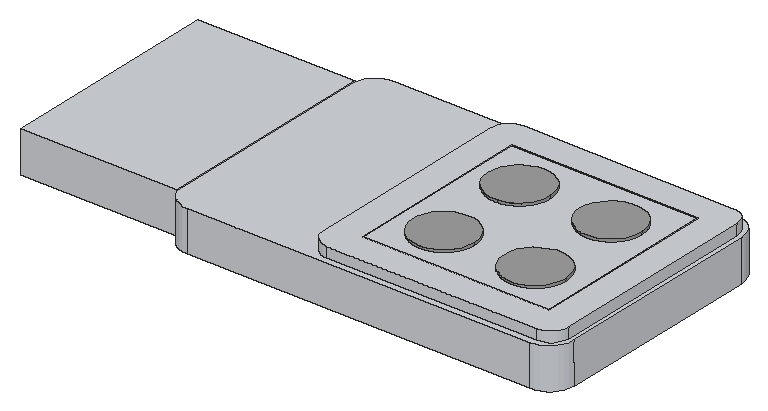
Revit family "Lighting-Industrial-GEWISS-SMART[4]HE_HIGHBAYS-LED_EMERGENCY_1M", category Apparecchi per illuminazione, Revit 2019
Family settings
  Quota connettore circolare = Usa diametro
  Tipo di parte = Normale
  Numero OmniClass = 23.80.70.00
  Titolo OmniClass = Lighting
  Basato su piano di lavoro = Sì
  Sempre verticale = No
  Taglio con vuoti quando caricato = No
  Sorgente d'illuminazione = No
  Condiviso = No
  Punto di calcolo locali = No
Parameters (values of type "GWS4124AQ857 - SMART4LB 1M EMERG ELL.57K")
  Wiring = "With GW connect watertight connector"
  Weight (kg): = "5"
  Warranty = "5 years"
  Voltaggio = 230 V
  Version file RFA = "20.11"
  Unique digital code (Datamatrix) = "Datamatrix"
  Unified Glare Rating = "-"
  URL = "https://www.gewiss.com/ww/en"
  Type of light source = "LED - Not replaceable"
  Tilt- = "-"
  Technical sheet = "https://www.gewiss.com/ww/en/search?q=GWS4124AQ857"
  System power : = "48 W (+5W Emerg.)"
  Supply voltage = "220 - 240 V"
  Stocking temperature = "-40 +70 °C"
  Standards and approvals = "-"
  Standard- = "EN 60598-2-22 ; EN 60598-1 ; EN 60598-2-24"
  Standard Deviation Colour Matching = "SDCM = 3"
  Spostamento_Y_etichetta [instance] = 0 mm
  Spostamento_Y_effettivo_etichetta [instance] = 1500 mm - Spostamento_Y_etichetta  # 1500 mm
  Spostamento_X_etichetta [instance] = 0 mm
  Spostamento_X_effettivo_etichetta [instance] = 1500 mm - Spostamento_X_etichetta  # 1500 mm
  Shock resistance = "IK08"
  Shield type = "Tempered glass Thickness 4mm"
  Realized by GEWISS S.p.A. = ""
  Rated frequency (Hz) = "50/60 Hz"
  Produttore = "GEWISS S.p.A."
  Vetro acceso = Lampada accesa
  Photobiological Risk Class = "RG0"
  Overvoltage protection = "DM 6 kV / CM 10 kV"
  Optic and illuminating features = "-"
  Optic Maintenance = "Non-replaceable"
  Optic : = "Metallic PC reflector and PMMA lenses"
  Optic = "Elliptical"
  Operating temperature : = "0 ÷ +40 °C"
  Mouting and installation = "Ceiling light - Suspension"
  Modello = "GWS4124AQ857"
  Maximum surface exposed to the wind : = "0,140 m²"
  Materials = "-"
  Luminaire = "LED Industrial Reflector "
  Lumen output (lm) : = "6300 (750 Emerg.)"
  Locking Hook = "-"
  Lifetime = "L90B10 (Tq+25°C) = 100.000 h - L90B10 (Tq+50°C) = 50.000 h"
  Lampada = "LED"
  LED Maintenance = "NiMh Battery Only"
  Insulation class = "I"
  Installationa and maintenance = "-"
  Immagine tipo = GWL1093E.jpg
  Trasformatore = none
  IPEA = "-"
  IP degree = "IP65"
  IFC.TypeObject = ""
  IFC.ExportType = ""
  IFC.ExportAs = ""
  IDT = "99cc2ba6225c472dbcbc7a8f8b209142"
  IDF = "8e26bf0e-866f-493d-a6be-55b7795095e9"
  Glow Wire Test : = "850 °C"
  General information = "-"
  Gasket = "anti-aging silicone"
  Fixing = "-"
  External screw = "Stainless steel"
  Eletrical and lighting features = "-"
  Electrocod = "2444"
  Efficiency (lm/W) = "119"
  Driver Box = "Built-in"
  Driver = "Included"
  Device with reduced surface temperature = "Yes"
  Descrizione = "SMART[4]LB 1M EMERG ELL.57K"
  Spessore plafoniera = 40 mm  # constant formula
  Simbolo attivo [instance] = yes
  Raggio led = 30 mm  # constant formula
  Plafoniera = none
  Lunghezza = 383 mm  # constant formula
  Larghezza = 253 mm  # constant formula
  Fotometrico = "GWL1093E-CL11813-16I - EME.IES"
  Etichetta wattaggio [instance] = yes
  Distanza tot_plafoniera = 74 mm  # constant formula
  Dettaglio bidimensionale attivo [instance] = not(Simbolo attivo)  # no
  Default Elevation = 1219.2 mm
  DIN 18032-3 certification = "-"
  Control System = "1 x DALI DT6 + 1 x DALI DT1 (Emerg. 3h)"
  Context = "Logistics and industrial manufacturing lighting"
  Colour temperature = "5700K"
  Colour : = "Grey RAL 7035"
  Colour = "Grey RAL 7035"
  Color Rendering Index = "CRI-80"
  Classificazione = Lighting
  Classification: = "-"
  Catalogue = "LIGHTING"
  Carico apparente = 53 VA
  COBie.Tagnumber = ""
  COBie.CreatedOn = ""
  COBie.CreatebBy = ""
  COBie.ComponentRegisterItemID = ""
  COBie.Component.TagNumber = ""
  COBie.Component.Space = ""
  COBie.Component.SerialNumber = ""
  COBie.Component.InstallationDate = ""
  COBie.Component.Description = ""
  COBie.Component.BarCode = ""
  Body = "PA6 \"Halogen Free\" loaded fibreglass"
  Batteria = none
  Application = "Internal"
Reference planes
  plane 1 "Centro (Fronte/Retro)": y = 0
  plane 2: z = 0
  plane 3 "Centro (Sinistra/Destra)": x = 0
  plane 4: x = -191.5
  plane 5: y = 126.5
  plane 6: x = 191.5
  plane 7: y = -126.5
  plane 8: z = -74
  plane 9: x = -175.5
  plane 10: y = -110.5
  plane 11: y = 110.5
  plane 12: x = -60.5
  plane 13: y = 121.5
  plane 14: x = 186.5
  plane 15: y = -120
  plane 16: z = 74
  plane 17: z = 86
  plane 18: x = -1500
  plane 19: y = -1500
  plane 20: x = 0
  plane 21: y = 0
Dimensions and locks
  equal spacing: plane 5, plane 1 "Centro (Fronte/Retro)", plane 7
  equal spacing: plane 4, plane 3 "Centro (Sinistra/Destra)", plane 6
  "Lunghezza": plane 4 to plane 6
  "Larghezza": plane 5 to plane 7
  locked: plane 14 to plane 6 at 5
  locked: plane 5 to plane 13 at 5
  nested 3 to plane 8 = 133.058 mm
  locked: plane 4 to plane 9 at 16
  "Distanza tot_plafoniera": plane 16 to plane 2
  locked: plane 17 to plane 16 at 12
  plane 18 to plane 3 "Centro (Sinistra/Destra)" = 1500 mm
  plane 1 "Centro (Fronte/Retro)" to plane 19 = 1500 mm
  "Spostamento_Y_effettivo_etichetta": plane 21 to plane 19
  "Spostamento_X_effettivo_etichetta": plane 18 to plane 20
  aligned and locked: level to plane 2
  aligned and locked: plane 4 to nested 1
  aligned and locked: plane 6 to nested 1
  aligned and locked: plane 5 to nested 1
  aligned and locked: plane 7 to nested 1
  aligned and locked: plane 14 to nested 2
  aligned and locked: nested 8 to plane 6
  aligned and locked: plane 4 to nested 9
  aligned and locked: plane 1 "Centro (Fronte/Retro)" to nested 11
  aligned and locked: nested 3 to plane 2
  aligned and locked: plane 16 to nested 1
  aligned and locked: plane 16 to nested 9
  aligned and locked: nested 2 to plane 16
  aligned and locked: plane 17 to nested 6
  aligned and locked: nested 4 to plane 17
  aligned and locked: nested 7 to plane 17
  aligned and locked: plane 17 to nested 5
  aligned and locked: plane 1 "Centro (Fronte/Retro)" to nested 8
  aligned and locked: plane 1 "Centro (Fronte/Retro)" to nested 2
  aligned and locked: plane 20 to nested 10
  aligned and locked: nested 10 to plane 21
Nested families
  nested 1: "Struttura_SMART[4] LB - 2+2 L" at (0, 0, 74), type "SMART Lab (4) 4L"
  nested 2: "mascherina_SMART (4)" at (66.5, 0, 84), type "Maschera_smart (4) 4L", detail levels medium+fine
  nested 3: "Staffa SMART LAB 4" at (65, -20, 59.058) x (0, 1, 0) z (0, 0, -1), type "Staffa SMART LAB 4"
  nested 4: "Gewis - Led" at (20.25, 44.75, 86), type "Gewis - Led", detail levels fine
  nested 5: "Gewis - Led" at (109.75, 44.75, 86) x (-1, 0, 0) z (0, 0, 1), type "Gewis - Led", detail levels fine
  nested 6: "Gewis - Led" at (20.25, -47.75, 86), type "Gewis - Led", detail levels fine
  nested 7: "Gewis - Led" at (109.75, -47.75, 86) x (-1, 0, 0) z (0, 0, 1), type "Gewis - Led", detail levels fine
  nested 8: "Rappr_ bidimensionale_SMART4_4L EM_2" at (9.751, 0, 0), visible <- "Dettaglio bidimensionale attivo", type "4 LED"
  nested 9: "Batteria_SMART4 LB" at (-191.5, -94.011, 34), type "Batteria_SMART4 LB"
    with SPessore batteria 40 mm, La_Batteria 217.019 mm, L_batteria 152.912 mm
  nested 10: "ETICHETTA LIGHT" at (0, 0, 0), visible <- "Etichetta wattaggio", type "ETICHETTA LIGHT"
  nested 11: "PROIETTSMART " at (-27.098, 0, 0), visible <- "Simbolo attivo", type "PROIETTSMART "
Connectors
  electrical at (0.009, -0.098, 34), driven by "Voltaggio", driven by "Carico apparente", driven by "Classificazione"
    settings: on nested 1, index 1, voltage 230 V, apparent load 0 VA, apparent load phase1 53 VA, apparent load phase2 0 VA, apparent load phase3 0 VA, power factor 1, load classification "Lighting", number of poles 1, system type 31, power factor state 1, is connector primary yes, connector utility no, sub classification motor no, connector description ""
Definition of nested family "Struttura_SMART[4] LB - 2+2 L"
  Parameters (values of type "SMART Lab (4) 4L")
    Struttura plafoniera = none
    Spessore_plafoniera = 40 mm
    Lunghezza = 383 mm
    Larghezza = 253 mm
  Reference planes
    plane 1 "Asse sorgente illuminazione (F/B)": y = 0
    plane 2: z = 0
    plane 3 "Asse sorgente illuminazione (L/R)": x = 0
    plane 4 "Prospetto sorgente di illuminazione": z = -40
    plane 5 "SX": x = -191.5
    plane 6 "DX": x = 191.5
    plane 7 "DIETRO": y = 126.5
    plane 8 "AVANTI": y = -126.5
    plane 9: x = -51.5
    plane 10: x = 180.5
    plane 11: y = -115.5
    plane 12: y = 115.5
    plane 13: x = -180.5
    plane 14: x = 51.5
  Forms (mm)
    Extrusion 1, solid, material <- "Struttura plafoniera"
      sketch origin (0, 0, 0) x (1, 0, 0) y (0, 1, 0)
        loop
          line (191.5, -102.095) -> (191.5, 102.09)
          arc (191.5, 102.09) -> (184.35, 119.35) -> (167.09, 126.5) r 24.41
          line (167.09, 126.5) -> (-167.009, 126.5)
          arc (-167.009, 126.5) -> (-184.554, 119.1) -> (-191.5, 101.371) r 24.499
          line (-191.5, 101.371) -> (-191.5, -102.092)
          arc (-191.5, -102.092) -> (-184.351, -119.351) -> (-167.092, -126.5) r 24.408
          line (-167.092, -126.5) -> (167.117, -126.5)
          arc (167.117, -126.5) -> (184.334, -119.368) -> (191.465, -102.152) r 24.348
      from -40 to 0
  Dimensions and locks
    equal spacing: plane 5 "SX", plane 3 "Asse sorgente illuminazione (L/R)", plane 6 "DX"
    equal spacing: plane 7 "DIETRO", plane 1 "Asse sorgente illuminazione (F/B)", plane 8 "AVANTI"
    "Lunghezza": plane 5 "SX" to plane 6 "DX"
    "Larghezza": plane 7 "DIETRO" to plane 8 "AVANTI"
    locked: plane 7 "DIETRO" to plane 12 at 11
    locked: plane 11 to plane 8 "AVANTI" at 11
    locked: plane 10 to plane 6 "DX" at 11
    locked: plane 9 to plane 10 at 232
    plane 13 to plane 14 = 232 mm
    locked: plane 5 "SX" to plane 13 at 11
    "Spessore_plafoniera": plane 2 to plane 4 "Prospetto sorgente di illuminazione"
    aligned and locked: level to plane 2
    aligned and locked: Extrusion 1 to plane 5 "SX"
    aligned and locked: Extrusion 1 to plane 8 "AVANTI"  (x2)
    aligned and locked: plane 7 "DIETRO" to Extrusion 1
    aligned and locked: plane 6 "DX" to Extrusion 1
    aligned and locked: plane 4 "Prospetto sorgente di illuminazione" to Extrusion 1
    aligned and locked: plane 2 to Extrusion 1
  Automatic sketch dimensions
    Extrusion 1 sketch curve to plane 5 "SX" = 0 mm
    Extrusion 1 sketch curve to plane 8 "AVANTI" = 0 mm
    Extrusion 1 sketch curve to plane 7 "DIETRO" = 0 mm
    Extrusion 1 sketch curve to plane 6 "DX" = 0 mm
    plane 13 to Extrusion 1 sketch curve = 13.408 mm
    plane 13 to Extrusion 1 sketch curve = 13.491 mm
    Extrusion 1 sketch curve to plane 10 = 13.41 mm
    Extrusion 1 sketch curve to plane 10 = 13.383 mm
    plane 11 to Extrusion 1 sketch curve = 13.348 mm
    Extrusion 1 sketch curve to plane 12 = 14.129 mm
    Extrusion 1 sketch curve to Extrusion 1 sketch curve = 0.056 mm
Definition of nested family "mascherina_SMART (4)"
  Parameters (values of type "Maschera_smart (4) 4L")
    Spessore_mascherina = 10 mm
    Default Elevation = 1219.2 mm
    N.intarsi = (Lunghezza_mascherina - (Bordo * 2)) / 15 mm  # 12
    N._intarsi verticale = (Larghezza_mascherina - (Bordo * 2)) / 17 mm  # 11
    Mascherina = none
    Lunghezza_mascherina = 240 mm
    Larghezza_mascherina = 240 mm
    Distanza_intarsi v. = 41 mm  # constant formula
    Distanza_intarsi = 37 mm  # constant formula
    Bordo = 29 mm
  Reference planes
    plane 1 "Centro (Fronte/Retro)": y = 0
    plane 2: z = 0
    plane 3 "Centro (Sinistra/Destra)": x = 0
    plane 4: x = -120
    plane 5 "Dietro": y = 120
    plane 6: x = 120
    plane 7: y = -120
    plane 8: x = -91
    plane 9: y = -91
    plane 10: x = 91
    plane 11: y = 91
    plane 12: x = -83
    plane 13: y = 94.742
    plane 14: y = -95
    plane 15: z = -10
    plane 16: x = -95
    plane 17: y = 79
    plane 18: y = -79
    plane 19: x = 95
    plane 20: z = -4.799
  Forms (mm)
    Extrusion 1, solid, material <- "Mascherina"
      sketch origin (0, 0, 0) x (1, 0, 0) y (0, 1, 0)
        loop
          arc (-102.5, 120) -> (-114.874, 114.874) -> (-120, 102.5) r 17.5
          line (-120, 102.5) -> (-120, -102.5)
          arc (-120, -102.5) -> (-114.874, -114.874) -> (-102.5, -120) r 17.5
          line (-102.5, -120) -> (102.5, -120)
          arc (102.5, -120) -> (114.874, -114.874) -> (120, -102.5) r 17.5
          line (120, -102.5) -> (120, 102.5)
          arc (120, 102.5) -> (114.874, 114.874) -> (102.5, 120) r 17.5
          line (102.5, 120) -> (-102.5, 120)
        loop
          line (-91, 91) -> (-91, -91) -> (91, -91) -> (91, 91) -> (-91, 91)
      from -10 to 0
    Extrusion 2, solid, material <- "Mascherina"
      sketch origin (0, 0, 0) x (1, 0, 0) y (0, 1, 0)
        loop
          line (-91, 91) -> (-91, -91) -> (91, -91) -> (91, 91) -> (-91, 91)
      from -4.799 to 0
  Dimensions and locks
    equal spacing: plane 4, plane 3 "Centro (Sinistra/Destra)", plane 6
    "Lunghezza_mascherina": plane 4 to plane 6
    equal spacing: plane 5 "Dietro", plane 1 "Centro (Fronte/Retro)", plane 7
    "Larghezza_mascherina": plane 5 "Dietro" to plane 7
    "Bordo": plane 4 to plane 8
    "Bordo": plane 9 to plane 7
    "Bordo": plane 5 "Dietro" to plane 11
    "Bordo": plane 10 to plane 6
    "Distanza_intarsi": plane 4 to plane 12
    locked: plane 13 to plane 11 at 3.742
    "Spessore_mascherina": plane 2 to plane 15
    "Distanza_intarsi v.": plane 5 "Dietro" to plane 17
    "Distanza_intarsi v.": plane 18 to plane 7
    locked: plane 9 to plane 14 at 4
    locked: plane 16 to plane 8 at 4
    locked: plane 10 to plane 19 at 4
    locked: plane 2 to plane 20 at 4.799
    radius of Extrusion 1 sketch curve = 17.5 mm  (x4)
    aligned and locked: level to plane 2
    aligned and locked: plane 4 to Extrusion 1 sketch curve
    aligned and locked: plane 6 to Extrusion 1 sketch curve
    aligned and locked: Extrusion 1 sketch curve to plane 5 "Dietro"
    aligned and locked: Extrusion 1 sketch curve to plane 7
    aligned and locked: Extrusion 1 sketch curve to plane 11
    aligned and locked: plane 8 to Extrusion 1 sketch curve
    aligned and locked: plane 9 to Extrusion 1 sketch curve
    aligned and locked: Extrusion 1 sketch curve to plane 10
    aligned and locked: plane 2 to Extrusion 1
    aligned and locked: Extrusion 1 to plane 15
    aligned and locked: Extrusion 2 sketch curve to plane 10
    aligned and locked: plane 9 to Extrusion 2 sketch curve
    aligned and locked: plane 8 to Extrusion 2 sketch curve
    aligned and locked: Extrusion 2 sketch curve to plane 11
    aligned and locked: plane 2 to Extrusion 2
    aligned and locked: Extrusion 2 to plane 20
Definition of nested family "Staffa SMART LAB 4"
  Parameters (values of type "Staffa SMART LAB 4")
    Staffa = none
    Default Elevation = 1219.2 mm
  Reference planes
    plane 1 "Centro (Fronte/Retro)": y = 0
    plane 2: z = 0
    plane 3 "Centro (Sinistra/Destra)": x = 0
    plane 4: y = 25
    plane 5: y = -25
    plane 6: x = -480
    plane 7: x = 480
    plane 8: z = 340
  Forms (mm)
    Extrusion 1, solid, material <- "Staffa"
      sketch origin (-19.427, 0, 0) x (1, 0, 0) y (0, 0, 1)
        loop
          line (-52.112, 0) -> (-51.312, 0) -> (-51.312, 5.038) -> (-51.312, 7.679) -> (-48.064, 11.553) -> (-48.309, 20.832)
          arc (-48.309, 20.832) -> (-48.108, 21.384) -> (-47.585, 21.651) r 0.801
          line (-47.585, 21.651) -> (-46.541, 21.744)
          arc (-46.541, 21.744) -> (-45.388, 22.346) -> (-44.998, 23.587) r 1.701
          line (-44.998, 23.587) -> (-45.225, 26.168) -> (-47.881, 28.39) -> (-47.881, 32.971) -> (-23.475, 58.058) -> (62.329, 58.058) -> (86.735, 32.971) -> (86.735, 28.39) -> (84.08, 26.168) -> (83.852, 23.587)
          arc (83.852, 23.587) -> (84.243, 22.346) -> (85.396, 21.744) r 1.701
          line (85.396, 21.744) -> (86.439, 21.651)
          arc (86.439, 21.651) -> (86.963, 21.384) -> (87.163, 20.832) r 0.801
          line (87.163, 20.832) -> (86.919, 11.553) -> (90.167, 7.679) -> (90.167, 5.038) -> (90.167, 0) -> (90.967, 0) -> (90.967, 5.038) -> (90.967, 7.979) -> (87.921, 11.618) -> (88.163, 20.806)
          arc (88.163, 20.806) -> (87.71, 22.048) -> (86.531, 22.647) r 1.801
          line (86.531, 22.647) -> (85.484, 22.74)
          arc (85.484, 22.74) -> (85.009, 22.988) -> (84.849, 23.499) r 0.701
          line (84.849, 23.499) -> (85.039, 25.667) -> (87.735, 27.923) -> (87.735, 32.876) -> (86.947, 34.187) -> (62.751, 59.058) -> (-23.897, 59.058) -> (-48.093, 34.187) -> (-48.881, 32.876) -> (-48.881, 27.923) -> (-46.185, 25.667) -> (-45.994, 23.499)
          arc (-45.994, 23.499) -> (-46.155, 22.988) -> (-46.63, 22.74) r 0.701
          line (-46.63, 22.74) -> (-47.676, 22.647)
          arc (-47.676, 22.647) -> (-48.856, 22.048) -> (-49.308, 20.806) r 1.801
          line (-49.308, 20.806) -> (-49.066, 11.618) -> (-52.112, 7.979) -> (-52.112, 5.038) -> (-52.112, 0)
      from -25 to 25
  Dimensions and locks
    equal spacing: plane 6, plane 3 "Centro (Sinistra/Destra)", plane 7
    equal spacing: plane 4, plane 1 "Centro (Fronte/Retro)", plane 5
    plane 4 to plane 5 = 50 mm
    plane 6 to plane 7 = 960 mm
    aligned and locked: level to plane 2
    aligned and locked: plane 4 to Extrusion 1
    aligned and locked: Extrusion 1 to plane 5
  Automatic sketch dimensions
    Extrusion 1 sketch curve to Extrusion 1 sketch curve = 0 mm  (x10)
    Extrusion 1 sketch curve to level = 0 mm  (x2)
    level to Extrusion 1 sketch curve = 5.038 mm
    Extrusion 1 sketch curve to plane 3 "Centro (Sinistra/Destra)" = 71.54 mm
    Extrusion 1 sketch curve to Extrusion 1 sketch curve = 0.8 mm  (x2)
    level to Extrusion 1 sketch curve = 20.806 mm  (x2)
    Extrusion 1 sketch curve to Extrusion 1 sketch curve = 2.804 mm
    level to Extrusion 1 sketch curve = 11.618 mm  (x2)
    Extrusion 1 sketch curve to Extrusion 1 sketch curve = 2.246 mm  (x2)
    Extrusion 1 sketch curve to Extrusion 1 sketch curve = 0.428 mm
    level to Extrusion 1 sketch curve = 20.832 mm  (x2)
    Extrusion 1 sketch curve to Extrusion 1 sketch curve = 1 mm  (x4)
    Extrusion 1 sketch curve to Extrusion 1 sketch curve = 0.788 mm
    level to Extrusion 1 sketch curve = 11.553 mm  (x2)
    Extrusion 1 sketch curve to Extrusion 1 sketch curve = 1.002 mm  (x2)
    level to Extrusion 1 sketch curve = 22.647 mm  (x2)
    Extrusion 1 sketch curve to Extrusion 1 sketch curve = 0.632 mm
    level to Extrusion 1 sketch curve = 21.651 mm  (x2)
    Extrusion 1 sketch curve to Extrusion 1 sketch curve = 0.092 mm  (x2)
    Extrusion 1 sketch curve to Extrusion 1 sketch curve = 0.984 mm
    level to Extrusion 1 sketch curve = 22.74 mm  (x2)
    Extrusion 1 sketch curve to Extrusion 1 sketch curve = 0.062 mm
    level to Extrusion 1 sketch curve = 21.744 mm  (x2)
    Extrusion 1 sketch curve to Extrusion 1 sketch curve = 0.088 mm
    Extrusion 1 sketch curve to Extrusion 1 sketch curve = 0.507 mm
    level to Extrusion 1 sketch curve = 23.499 mm  (x2)
    Extrusion 1 sketch curve to Extrusion 1 sketch curve = 0.698 mm  (x2)
    Extrusion 1 sketch curve to Extrusion 1 sketch curve = 0.96 mm  (x2)
    level to Extrusion 1 sketch curve = 23.587 mm  (x2)
    Extrusion 1 sketch curve to plane 3 "Centro (Sinistra/Destra)" = 43.324 mm
    Extrusion 1 sketch curve to Extrusion 1 sketch curve = 0.422 mm  (x2)
    plane 3 "Centro (Sinistra/Destra)" to Extrusion 1 sketch curve = 42.902 mm
    Extrusion 1 sketch curve to Extrusion 1 sketch curve = 21.523 mm
    level to Extrusion 1 sketch curve = 26.168 mm
    Extrusion 1 sketch curve to Extrusion 1 sketch curve = 0.227 mm
    Extrusion 1 sketch curve to Extrusion 1 sketch curve = 0.996 mm
    level to Extrusion 1 sketch curve = 25.667 mm
    Extrusion 1 sketch curve to Extrusion 1 sketch curve = 0.548 mm
    Extrusion 1 sketch curve to Extrusion 1 sketch curve = 0.966 mm
    Extrusion 1 sketch curve to Extrusion 1 sketch curve = 0.077 mm
    level to Extrusion 1 sketch curve = 28.39 mm
    Extrusion 1 sketch curve to Extrusion 1 sketch curve = 1.696 mm
    Extrusion 1 sketch curve to Extrusion 1 sketch curve = 0.557 mm
    level to Extrusion 1 sketch curve = 34.187 mm
    Extrusion 1 sketch curve to Extrusion 1 sketch curve = 0.212 mm
    Extrusion 1 sketch curve to Extrusion 1 sketch curve = 0.801 mm
    level to Extrusion 1 sketch curve = 7.679 mm
    Extrusion 1 sketch curve to Extrusion 1 sketch curve = 2.641 mm  (x2)
    Extrusion 1 sketch curve to Extrusion 1 sketch curve = 0.3 mm  (x2)
    Extrusion 1 sketch curve to Extrusion 1 sketch curve = 2.168 mm
    Extrusion 1 sketch curve to Extrusion 1 sketch curve = 0.501 mm
    Extrusion 1 sketch curve to Extrusion 1 sketch curve = 0.467 mm  (x2)
    Extrusion 1 sketch curve to Extrusion 1 sketch curve = 2.256 mm
    Extrusion 1 sketch curve to Extrusion 1 sketch curve = 4.486 mm
    Extrusion 1 sketch curve to Extrusion 1 sketch curve = 1.311 mm
    Extrusion 1 sketch curve to Extrusion 1 sketch curve = 0.095 mm  (x2)
    Extrusion 1 sketch curve to Extrusion 1 sketch curve = 1.216 mm
    Extrusion 1 sketch curve to Extrusion 1 sketch curve = 23.87 mm
Definition of nested family "Gewis - Led"
  Parameters (values of type "Gewis - Led")
    Vetro = none
    Raggio led = 30 mm
    Default Elevation = 1219.2 mm
    Estensione vetro = 3 mm
  Reference planes
    plane 1 "Centro (Fronte/Retro)": y = 0
    plane 2: z = 0
    plane 3 "Centro (Sinistra/Destra)": x = 0
  Forms (mm)
    Extrusion 1, solid, material <- "Vetro"
      sketch origin (0, 0, 0) x (1, 0, 0) y (0, 1, 0)
        loop
          circle (0, 0) r 30
      from -3 to 0
  Dimensions and locks
    "Estensione vetro": level to Extrusion 1
    "Raggio led": radius of Extrusion 1 sketch curve
    aligned and locked: level to plane 2
    aligned and locked: level to Extrusion 1
  Automatic sketch dimensions
    plane 1 "Centro (Fronte/Retro)" to Extrusion 1 sketch curve = 0 mm
    Extrusion 1 sketch curve to plane 3 "Centro (Sinistra/Destra)" = 0 mm
Definition of nested family "Batteria_SMART4 LB"
  Parameters (values of type "Batteria_SMART4 LB")
    SPessore batteria [instance] = 40 mm
    La_Batteria [instance] = 253 mm
    L_batteria [instance] = 445.629 mm
    Batteria = none
  Reference planes
    plane 1 "Asse sorgente illuminazione (F/B)": y = 0
    plane 2: z = 0
    plane 3 "Asse sorgente illuminazione (L/R)": x = 0
    plane 4 "Prospetto sorgente di illuminazione": z = 1500
    plane 5: x = -445.629
    plane 6: y = 201.838
    plane 7: y = -51.162
    plane 8: z = 40
  Forms (mm)
    Extrusion 1, solid, material <- "Batteria"
      sketch origin (0, 0, 0) x (1, 0, 0) y (0, 1, 0)
        loop
          line (-445.629, 201.838) -> (-445.629, -51.162) -> (0, -51.162) -> (0, 201.838) -> (-445.629, 201.838)
      from 0 to 40
  Dimensions and locks
    "L_batteria": plane 5 to plane 3 "Asse sorgente illuminazione (L/R)"
    plane 6 to plane 1 "Asse sorgente illuminazione (F/B)" to plane 7 = 201.838 mm, 51.162 mm
    "La_Batteria": plane 6 to plane 7
    "SPessore batteria": plane 8 to plane 2
    aligned and locked: level to plane 2
    aligned and locked: Extrusion 1 sketch curve to plane 6
    aligned and locked: plane 5 to Extrusion 1 sketch curve
    aligned and locked: plane 7 to Extrusion 1 sketch curve
    aligned and locked: Extrusion 1 sketch curve to plane 3 "Asse sorgente illuminazione (L/R)"
    aligned and locked: plane 8 to Extrusion 1
Definition of nested family "Rappr_ bidimensionale_SMART4_4L EM_2"
  Parameters (values of type "4 LED")
    5 LED = no
    4 LED = not([5 LED])  # yes
  Reference planes
    plane 1 "Centro (Fronte/Retro)": y = 0
    plane 2: z = 0
    plane 3 "Centro (Sinistra/Destra)": x = 0
  Lines and regions (mm)
    model lines, in view "Livello rif.", visible <- "5 LED"
      curve 1: circle (8.459, 48.062, 0) r 28.619 normal (0, 0, 1)
      curve 2: circle (102.459, -45.938, 0) r 28.619 normal (0, 0, 1)
      curve 3: circle (8.459, -45.938, 0) r 28.619 normal (0, 0, 1)
      curve 4: circle (102.459, 48.062, 0) r 28.619 normal (0, 0, 1)
    model lines, in view "Livello rif."
      curve 5: arc (-64.041, -103.004, 0) -> (-59.501, -113.964, 0) -> (-48.541, -118.504, 0) r 15.5
      curve 6: arc (174.959, 104.996, 0) -> (170.419, 115.956, 0) -> (159.459, 120.496, 0) r 15.5
      curve 7: arc (-48.541, 120.496, 0) -> (-59.501, 115.956, 0) -> (-64.041, 104.996, 0) r 15.5
      curve 8: arc (159.459, -118.504, 0) -> (170.419, -113.964, 0) -> (174.959, -103.004, 0) r 15.5
      curve 9: arc (181.749, 104.996, 0) -> (175.223, 120.753, 0) -> (159.468, 127.285, 0) r 22.29
      curve 10: arc (159.471, -125.294, 0) -> (175.224, -118.761, 0) -> (181.749, -103.004, 0) r 22.29
      curve 11: arc (-201.331, -106.996, 0) -> (-195.973, -119.938, 0) -> (-183.031, -125.294, 0) r 18.29
      curve 12: arc (-183.05, 127.285, 0) -> (-195.974, 121.928, 0) -> (-201.331, 109.004, 0) r 18.29
      curve 13: line (-37.041, 93.496, 0) -> (147.959, 93.496, 0)
      curve 14: line (147.959, 93.496, 0) -> (147.959, -91.504, 0)
      curve 15: line (147.959, -91.504, 0) -> (-37.041, -91.504, 0)
      curve 16: line (-37.041, -91.504, 0) -> (-37.041, 93.496, 0)
      curve 17: line (-48.541, -118.504, 0) -> (159.459, -118.504, 0)
      curve 18: line (-48.541, 120.496, 0) -> (159.459, 120.496, 0)
      curve 19: line (-64.041, 104.996, 0) -> (-64.041, -103.004, 0)
      curve 20: line (174.959, 104.996, 0) -> (174.959, -103.004, 0)
      curve 21: line (-183.05, 127.285, 0) -> (159.468, 127.285, 0)
      curve 22: line (181.749, 104.996, 0) -> (181.749, -103.004, 0)
      curve 23: line (159.471, -125.294, 0) -> (-183.031, -125.294, 0)
      curve 24: line (-201.331, -106.996, 0) -> (-201.331, 109.004, 0)
    detail lines, in view "Livello rif.", not visible, detail levels fine
      curve 25: spline (-38.805, -92.663, 0) -> (-38.789, -92.926, 0) -> (-38.739, -93.185, 0) -> (-38.655, -93.434, 0) -> (-38.539, -93.67, 0) -> (-38.393, -93.89, 0) -> (-38.22, -94.088, 0) -> (-38.022, -94.261, 0) -> (-37.803, -94.407, 0) -> (-37.566, -94.523, 0) -> (-37.317, -94.607, 0) -> (-37.059, -94.657, 0) -> (-36.796, -94.673, 0)
      curve 26: spline (-36.799, 93.856, 0) -> (-37.062, 93.839, 0) -> (-37.32, 93.789, 0) -> (-37.569, 93.704, 0) -> (-37.805, 93.588, 0) -> (-38.024, 93.442, 0) -> (-38.221, 93.269, 0) -> (-38.394, 93.071, 0) -> (-38.54, 92.852, 0) -> (-38.656, 92.616, 0) -> (-38.739, 92.367, 0) -> (-38.789, 92.109, 0) -> (-38.805, 91.846, 0)
      curve 27: arc (147.719, -94.673, 0) -> (149.136, -94.089, 0) -> (149.723, -92.674, 0) r 1.999
      curve 28: spline (149.723, 91.856, 0) -> (149.706, 92.118, 0) -> (149.655, 92.375, 0) -> (149.57, 92.623, 0) -> (149.454, 92.858, 0) -> (149.308, 93.076, 0) -> (149.135, 93.273, 0) -> (148.938, 93.445, 0) -> (148.72, 93.59, 0) -> (148.484, 93.705, 0) -> (148.236, 93.789, 0) -> (147.979, 93.839, 0) -> (147.717, 93.856, 0)
      curve 29: arc (129.979, -106.197, 0) -> (129.984, -106.303, 0) -> (129.998, -106.409, 0) r 1.185
      curve 30: arc (131.176, -94.429, 0) -> (130.33, -94.776, 0) -> (129.979, -95.62, 0) r 1.192
      curve 31: arc (140.439, -95.626, 0) -> (140.092, -94.78, 0) -> (139.247, -94.429, 0) r 1.192
      curve 32: arc (140.42, -106.409, 0) -> (140.435, -106.3, 0) -> (140.439, -106.19, 0) r 1.186
      curve 33: arc (115.479, -106.197, 0) -> (115.484, -106.303, 0) -> (115.498, -106.409, 0) r 1.185
      curve 34: arc (116.676, -94.429, 0) -> (115.83, -94.776, 0) -> (115.479, -95.62, 0) r 1.192
      curve 35: arc (125.939, -95.626, 0) -> (125.592, -94.78, 0) -> (124.747, -94.429, 0) r 1.192
      curve 36: arc (125.92, -106.409, 0) -> (125.935, -106.3, 0) -> (125.939, -106.19, 0) r 1.186
      curve 37: arc (100.979, -106.197, 0) -> (100.984, -106.303, 0) -> (100.998, -106.409, 0) r 1.185
      curve 38: arc (102.176, -94.429, 0) -> (101.33, -94.776, 0) -> (100.979, -95.62, 0) r 1.192
      curve 39: arc (111.439, -95.626, 0) -> (111.092, -94.78, 0) -> (110.247, -94.429, 0) r 1.192
      curve 40: arc (111.42, -106.409, 0) -> (111.435, -106.3, 0) -> (111.439, -106.19, 0) r 1.186
      curve 41: arc (86.479, -106.19, 0) -> (86.483, -106.3, 0) -> (86.498, -106.409, 0) r 1.185
      curve 42: arc (87.676, -94.429, 0) -> (86.828, -94.778, 0) -> (86.479, -95.626, 0) r 1.192
      curve 43: arc (96.939, -95.626, 0) -> (96.592, -94.78, 0) -> (95.747, -94.429, 0) r 1.192
      curve 44: arc (96.92, -106.409, 0) -> (96.935, -106.3, 0) -> (96.939, -106.19, 0) r 1.186
      curve 45: arc (71.979, -106.19, 0) -> (71.983, -106.3, 0) -> (71.998, -106.409, 0) r 1.185
      curve 46: arc (73.176, -94.429, 0) -> (72.328, -94.778, 0) -> (71.979, -95.626, 0) r 1.192
      curve 47: arc (82.439, -95.626, 0) -> (82.092, -94.78, 0) -> (81.247, -94.429, 0) r 1.192
      curve 48: arc (82.42, -106.409, 0) -> (82.435, -106.3, 0) -> (82.439, -106.19, 0) r 1.186
      curve 49: arc (57.479, -106.19, 0) -> (57.483, -106.3, 0) -> (57.498, -106.409, 0) r 1.185
      curve 50: arc (58.676, -94.429, 0) -> (57.828, -94.778, 0) -> (57.479, -95.626, 0) r 1.192
      curve 51: arc (67.939, -95.626, 0) -> (67.592, -94.78, 0) -> (66.747, -94.429, 0) r 1.192
      curve 52: arc (67.92, -106.409, 0) -> (67.935, -106.3, 0) -> (67.939, -106.19, 0) r 1.186
      curve 53: arc (53.42, -106.409, 0) -> (53.435, -106.3, 0) -> (53.439, -106.19, 0) r 1.185
      curve 54: arc (42.979, -106.19, 0) -> (42.983, -106.3, 0) -> (42.998, -106.409, 0) r 1.186
      curve 55: arc (44.171, -94.429, 0) -> (43.326, -94.78, 0) -> (42.979, -95.626, 0) r 1.192
      curve 56: arc (53.439, -95.626, 0) -> (53.09, -94.778, 0) -> (52.242, -94.429, 0) r 1.192
      curve 57: arc (28.479, -106.19, 0) -> (28.483, -106.3, 0) -> (28.498, -106.409, 0) r 1.186
      curve 58: arc (29.671, -94.429, 0) -> (28.826, -94.78, 0) -> (28.479, -95.626, 0) r 1.192
      curve 59: arc (38.939, -95.626, 0) -> (38.59, -94.778, 0) -> (37.742, -94.429, 0) r 1.192
      curve 60: arc (38.92, -106.409, 0) -> (38.935, -106.3, 0) -> (38.939, -106.19, 0) r 1.185
      curve 61: arc (13.979, -106.19, 0) -> (13.983, -106.3, 0) -> (13.998, -106.409, 0) r 1.186
      curve 62: arc (15.171, -94.429, 0) -> (14.326, -94.78, 0) -> (13.979, -95.626, 0) r 1.192
      curve 63: arc (24.439, -95.62, 0) -> (24.088, -94.776, 0) -> (23.242, -94.429, 0) r 1.192
      curve 64: arc (24.42, -106.409, 0) -> (24.434, -106.303, 0) -> (24.439, -106.197, 0) r 1.185
      curve 65: arc (-0.521, -106.19, 0) -> (-0.517, -106.3, 0) -> (-0.502, -106.409, 0) r 1.186
      curve 66: arc (0.671, -94.429, 0) -> (-0.174, -94.78, 0) -> (-0.521, -95.626, 0) r 1.192
      curve 67: arc (9.939, -95.62, 0) -> (9.588, -94.776, 0) -> (8.742, -94.429, 0) r 1.192
      curve 68: arc (9.92, -106.409, 0) -> (9.934, -106.303, 0) -> (9.939, -106.197, 0) r 1.185
      curve 69: arc (-15.021, -106.19, 0) -> (-15.017, -106.3, 0) -> (-15.002, -106.409, 0) r 1.186
      curve 70: arc (-13.829, -94.429, 0) -> (-14.674, -94.78, 0) -> (-15.021, -95.626, 0) r 1.192
      curve 71: arc (-4.561, -95.62, 0) -> (-4.912, -94.776, 0) -> (-5.758, -94.429, 0) r 1.192
      curve 72: arc (-4.58, -106.409, 0) -> (-4.566, -106.303, 0) -> (-4.561, -106.197, 0) r 1.185
      curve 73: arc (-19.08, -106.409, 0) -> (-19.066, -106.303, 0) -> (-19.061, -106.197, 0) r 1.185
      curve 74: arc (-29.521, -106.19, 0) -> (-29.517, -106.3, 0) -> (-29.502, -106.409, 0) r 1.186
      curve 75: arc (-28.329, -94.429, 0) -> (-29.174, -94.78, 0) -> (-29.521, -95.626, 0) r 1.192
      curve 76: arc (-19.061, -95.62, 0) -> (-19.412, -94.776, 0) -> (-20.258, -94.429, 0) r 1.192
      curve 77: arc (-50.329, -74.929, 0) -> (-50.436, -74.933, 0) -> (-50.541, -74.948, 0) r 1.186
      curve 78: arc (-38.561, -76.12, 0) -> (-38.91, -75.278, 0) -> (-39.753, -74.929, 0) r 1.192
      curve 79: arc (-39.753, -85.389, 0) -> (-38.91, -85.04, 0) -> (-38.561, -84.197, 0) r 1.192
      curve 80: arc (-50.541, -85.37, 0) -> (-50.436, -85.384, 0) -> (-50.329, -85.389, 0) r 1.185
      curve 81: arc (-50.329, -60.429, 0) -> (-50.436, -60.433, 0) -> (-50.541, -60.448, 0) r 1.186
      curve 82: arc (-38.561, -61.62, 0) -> (-38.91, -60.778, 0) -> (-39.753, -60.429, 0) r 1.192
      curve 83: arc (-39.753, -70.889, 0) -> (-38.91, -70.54, 0) -> (-38.561, -69.697, 0) r 1.192
      curve 84: arc (-50.541, -70.87, 0) -> (-50.436, -70.884, 0) -> (-50.329, -70.889, 0) r 1.185
      curve 85: arc (-50.329, -45.929, 0) -> (-50.436, -45.933, 0) -> (-50.541, -45.948, 0) r 1.186
      curve 86: arc (-38.561, -47.12, 0) -> (-38.91, -46.278, 0) -> (-39.753, -45.929, 0) r 1.192
      curve 87: arc (-39.753, -56.389, 0) -> (-38.91, -56.04, 0) -> (-38.561, -55.197, 0) r 1.192
      curve 88: arc (-50.541, -56.37, 0) -> (-50.436, -56.384, 0) -> (-50.329, -56.389, 0) r 1.185
      curve 89: arc (-50.329, -31.429, 0) -> (-50.436, -31.433, 0) -> (-50.541, -31.448, 0) r 1.186
      curve 90: arc (-38.561, -32.62, 0) -> (-38.91, -31.778, 0) -> (-39.753, -31.429, 0) r 1.192
      curve 91: arc (-39.753, -41.889, 0) -> (-38.91, -41.54, 0) -> (-38.561, -40.697, 0) r 1.192
      curve 92: arc (-50.541, -41.87, 0) -> (-50.436, -41.884, 0) -> (-50.329, -41.889, 0) r 1.185
      curve 93: arc (-50.329, -16.929, 0) -> (-50.436, -16.933, 0) -> (-50.541, -16.948, 0) r 1.186
      curve 94: arc (-38.561, -18.12, 0) -> (-38.91, -17.278, 0) -> (-39.753, -16.929, 0) r 1.192
      curve 95: arc (-39.753, -27.389, 0) -> (-38.91, -27.04, 0) -> (-38.561, -26.197, 0) r 1.192
      curve 96: arc (-50.541, -27.37, 0) -> (-50.436, -27.384, 0) -> (-50.329, -27.389, 0) r 1.185
      curve 97: arc (-50.325, -2.429, 0) -> (-50.434, -2.433, 0) -> (-50.541, -2.448, 0) r 1.186
      curve 98: arc (-38.561, -3.62, 0) -> (-38.91, -2.778, 0) -> (-39.753, -2.429, 0) r 1.192
      curve 99: arc (-39.753, -12.889, 0) -> (-38.91, -12.54, 0) -> (-38.561, -11.697, 0) r 1.192
      curve 100: arc (-50.541, -12.87, 0) -> (-50.434, -12.884, 0) -> (-50.325, -12.889, 0) r 1.185
      curve 101: arc (-50.325, 12.071, 0) -> (-50.434, 12.067, 0) -> (-50.541, 12.052, 0) r 1.185
      curve 102: arc (-38.561, 10.88, 0) -> (-38.91, 11.722, 0) -> (-39.753, 12.071, 0) r 1.192
      curve 103: arc (-39.753, 1.611, 0) -> (-38.91, 1.96, 0) -> (-38.561, 2.803, 0) r 1.192
      curve 104: arc (-50.541, 1.63, 0) -> (-50.434, 1.616, 0) -> (-50.325, 1.611, 0) r 1.186
      curve 105: arc (-50.329, 41.071, 0) -> (-50.436, 41.067, 0) -> (-50.541, 41.052, 0) r 1.185
      curve 106: arc (-38.561, 39.88, 0) -> (-38.91, 40.722, 0) -> (-39.753, 41.071, 0) r 1.192
      curve 107: arc (-39.753, 30.611, 0) -> (-38.91, 30.96, 0) -> (-38.561, 31.803, 0) r 1.192
      curve 108: arc (-50.541, 30.63, 0) -> (-50.436, 30.616, 0) -> (-50.329, 30.611, 0) r 1.186
      curve 109: arc (-50.329, 55.571, 0) -> (-50.436, 55.567, 0) -> (-50.541, 55.552, 0) r 1.185
      curve 110: arc (-38.561, 54.38, 0) -> (-38.91, 55.222, 0) -> (-39.753, 55.571, 0) r 1.192
      curve 111: arc (-39.753, 45.111, 0) -> (-38.91, 45.46, 0) -> (-38.561, 46.303, 0) r 1.192
      curve 112: arc (-50.541, 45.13, 0) -> (-50.436, 45.116, 0) -> (-50.329, 45.111, 0) r 1.186
      curve 113: arc (-50.329, 70.071, 0) -> (-50.436, 70.067, 0) -> (-50.541, 70.052, 0) r 1.185
      curve 114: arc (-38.561, 68.88, 0) -> (-38.91, 69.722, 0) -> (-39.753, 70.071, 0) r 1.192
      curve 115: arc (-39.753, 59.611, 0) -> (-38.91, 59.96, 0) -> (-38.561, 60.803, 0) r 1.192
      curve 116: arc (-50.541, 59.63, 0) -> (-50.436, 59.616, 0) -> (-50.329, 59.611, 0) r 1.186
      curve 117: arc (-50.329, 84.571, 0) -> (-50.436, 84.567, 0) -> (-50.541, 84.552, 0) r 1.185
      curve 118: arc (-38.561, 83.38, 0) -> (-38.91, 84.222, 0) -> (-39.753, 84.571, 0) r 1.192
      curve 119: arc (-39.753, 74.111, 0) -> (-38.91, 74.46, 0) -> (-38.561, 75.303, 0) r 1.192
      curve 120: arc (-50.541, 74.13, 0) -> (-50.436, 74.116, 0) -> (-50.329, 74.111, 0) r 1.186
      curve 121: arc (-20.253, 93.611, 0) -> (-19.41, 93.96, 0) -> (-19.061, 94.803, 0) r 1.192
      curve 122: arc (-29.521, 94.808, 0) -> (-29.174, 93.962, 0) -> (-28.329, 93.611, 0) r 1.192
      curve 123: arc (-29.502, 105.591, 0) -> (-29.517, 105.482, 0) -> (-29.521, 105.373, 0) r 1.186
      curve 124: arc (-19.061, 105.38, 0) -> (-19.066, 105.486, 0) -> (-19.08, 105.591, 0) r 1.185
      curve 125: arc (-5.753, 93.611, 0) -> (-4.91, 93.96, 0) -> (-4.561, 94.803, 0) r 1.192
      curve 126: arc (-15.021, 94.808, 0) -> (-14.674, 93.962, 0) -> (-13.829, 93.611, 0) r 1.192
      curve 127: arc (-15.002, 105.591, 0) -> (-15.017, 105.482, 0) -> (-15.021, 105.373, 0) r 1.186
      curve 128: arc (-4.561, 105.38, 0) -> (-4.566, 105.486, 0) -> (-4.58, 105.591, 0) r 1.185
      curve 129: arc (8.747, 93.611, 0) -> (9.59, 93.96, 0) -> (9.939, 94.803, 0) r 1.192
      curve 130: arc (-0.521, 94.808, 0) -> (-0.174, 93.962, 0) -> (0.671, 93.611, 0) r 1.192
      curve 131: arc (-0.502, 105.591, 0) -> (-0.517, 105.482, 0) -> (-0.521, 105.373, 0) r 1.186
      curve 132: arc (9.939, 105.38, 0) -> (9.934, 105.486, 0) -> (9.92, 105.591, 0) r 1.185
      curve 133: arc (23.247, 93.611, 0) -> (24.09, 93.96, 0) -> (24.439, 94.803, 0) r 1.192
      curve 134: arc (13.979, 94.808, 0) -> (14.326, 93.962, 0) -> (15.171, 93.611, 0) r 1.192
      curve 135: arc (13.998, 105.591, 0) -> (13.983, 105.482, 0) -> (13.979, 105.373, 0) r 1.186
      curve 136: arc (24.439, 105.38, 0) -> (24.434, 105.486, 0) -> (24.42, 105.591, 0) r 1.185
      curve 137: arc (37.747, 93.611, 0) -> (38.592, 93.962, 0) -> (38.939, 94.808, 0) r 1.192
      curve 138: arc (28.479, 94.808, 0) -> (28.826, 93.962, 0) -> (29.671, 93.611, 0) r 1.192
      curve 139: arc (28.498, 105.591, 0) -> (28.483, 105.482, 0) -> (28.479, 105.373, 0) r 1.186
      curve 140: arc (38.939, 105.373, 0) -> (38.935, 105.482, 0) -> (38.92, 105.591, 0) r 1.185
      curve 141: arc (52.247, 93.611, 0) -> (53.092, 93.962, 0) -> (53.439, 94.808, 0) r 1.192
      curve 142: arc (42.979, 94.808, 0) -> (43.326, 93.962, 0) -> (44.171, 93.611, 0) r 1.192
      curve 143: arc (42.998, 105.591, 0) -> (42.983, 105.482, 0) -> (42.979, 105.373, 0) r 1.186
      curve 144: arc (53.439, 105.373, 0) -> (53.435, 105.482, 0) -> (53.42, 105.591, 0) r 1.185
      curve 145: arc (66.747, 93.611, 0) -> (67.592, 93.962, 0) -> (67.939, 94.808, 0) r 1.192
      curve 146: arc (57.479, 94.808, 0) -> (57.826, 93.962, 0) -> (58.671, 93.611, 0) r 1.192
      curve 147: arc (57.498, 105.591, 0) -> (57.483, 105.482, 0) -> (57.479, 105.373, 0) r 1.185
      curve 148: arc (67.939, 105.373, 0) -> (67.935, 105.482, 0) -> (67.92, 105.591, 0) r 1.186
      curve 149: arc (81.247, 93.611, 0) -> (82.092, 93.962, 0) -> (82.439, 94.808, 0) r 1.192
      curve 150: arc (71.979, 94.808, 0) -> (72.326, 93.962, 0) -> (73.171, 93.611, 0) r 1.192
      curve 151: arc (71.998, 105.591, 0) -> (71.983, 105.482, 0) -> (71.979, 105.373, 0) r 1.185
      curve 152: arc (82.439, 105.373, 0) -> (82.435, 105.482, 0) -> (82.42, 105.591, 0) r 1.186
      curve 153: arc (95.747, 93.611, 0) -> (96.592, 93.962, 0) -> (96.939, 94.808, 0) r 1.192
      curve 154: arc (86.479, 94.808, 0) -> (86.826, 93.962, 0) -> (87.671, 93.611, 0) r 1.192
      curve 155: arc (86.498, 105.591, 0) -> (86.483, 105.482, 0) -> (86.479, 105.373, 0) r 1.185
      curve 156: arc (96.939, 105.373, 0) -> (96.935, 105.482, 0) -> (96.92, 105.591, 0) r 1.186
      curve 157: arc (110.247, 93.611, 0) -> (111.092, 93.962, 0) -> (111.439, 94.808, 0) r 1.192
      curve 158: arc (100.979, 94.803, 0) -> (101.328, 93.96, 0) -> (102.171, 93.611, 0) r 1.192
      curve 159: arc (100.998, 105.591, 0) -> (100.984, 105.486, 0) -> (100.979, 105.38, 0) r 1.185
      curve 160: arc (111.439, 105.373, 0) -> (111.435, 105.482, 0) -> (111.42, 105.591, 0) r 1.186
      curve 161: arc (124.747, 93.611, 0) -> (125.592, 93.962, 0) -> (125.939, 94.808, 0) r 1.192
      curve 162: arc (115.479, 94.803, 0) -> (115.828, 93.96, 0) -> (116.671, 93.611, 0) r 1.192
      curve 163: arc (115.498, 105.591, 0) -> (115.484, 105.486, 0) -> (115.479, 105.38, 0) r 1.185
      curve 164: arc (125.939, 105.373, 0) -> (125.935, 105.482, 0) -> (125.92, 105.591, 0) r 1.186
      curve 165: arc (139.247, 93.611, 0) -> (140.092, 93.962, 0) -> (140.439, 94.808, 0) r 1.192
      curve 166: arc (129.979, 94.803, 0) -> (130.328, 93.96, 0) -> (131.171, 93.611, 0) r 1.192
      curve 167: arc (129.998, 105.591, 0) -> (129.984, 105.486, 0) -> (129.979, 105.38, 0) r 1.185
      curve 168: arc (140.439, 105.373, 0) -> (140.435, 105.482, 0) -> (140.42, 105.591, 0) r 1.186
      curve 169: arc (149.479, 75.303, 0) -> (149.828, 74.46, 0) -> (150.671, 74.111, 0) r 1.192
      curve 170: arc (150.671, 84.571, 0) -> (149.828, 84.222, 0) -> (149.479, 83.38, 0) r 1.192
      curve 171: arc (161.459, 84.552, 0) -> (161.354, 84.567, 0) -> (161.247, 84.571, 0) r 1.185
      curve 172: arc (161.247, 74.111, 0) -> (161.354, 74.116, 0) -> (161.459, 74.13, 0) r 1.186
      curve 173: arc (149.479, 60.803, 0) -> (149.828, 59.96, 0) -> (150.671, 59.611, 0) r 1.192
      curve 174: arc (150.671, 70.071, 0) -> (149.828, 69.722, 0) -> (149.479, 68.88, 0) r 1.192
      curve 175: arc (161.459, 70.052, 0) -> (161.354, 70.067, 0) -> (161.247, 70.071, 0) r 1.185
      curve 176: arc (161.247, 59.611, 0) -> (161.354, 59.616, 0) -> (161.459, 59.63, 0) r 1.186
      curve 177: arc (149.479, 46.303, 0) -> (149.828, 45.46, 0) -> (150.671, 45.111, 0) r 1.192
      curve 178: arc (150.671, 55.571, 0) -> (149.828, 55.222, 0) -> (149.479, 54.38, 0) r 1.192
      curve 179: arc (161.459, 55.552, 0) -> (161.354, 55.567, 0) -> (161.247, 55.571, 0) r 1.185
      curve 180: arc (161.247, 45.111, 0) -> (161.354, 45.116, 0) -> (161.459, 45.13, 0) r 1.186
      curve 181: arc (149.479, 31.803, 0) -> (149.828, 30.96, 0) -> (150.671, 30.611, 0) r 1.192
      curve 182: arc (150.671, 41.071, 0) -> (149.828, 40.722, 0) -> (149.479, 39.88, 0) r 1.192
      curve 183: arc (161.459, 41.052, 0) -> (161.354, 41.067, 0) -> (161.247, 41.071, 0) r 1.185
      curve 184: arc (161.247, 30.611, 0) -> (161.354, 30.616, 0) -> (161.459, 30.63, 0) r 1.186
      curve 185: arc (149.479, 17.303, 0) -> (149.828, 16.46, 0) -> (150.671, 16.111, 0) r 1.192
      curve 186: arc (150.671, 26.571, 0) -> (149.828, 26.222, 0) -> (149.479, 25.38, 0) r 1.192
      curve 187: arc (161.459, 26.552, 0) -> (161.352, 26.567, 0) -> (161.243, 26.571, 0) r 1.185
      curve 188: arc (161.243, 16.111, 0) -> (161.351, 16.116, 0) -> (161.459, 16.13, 0) r 1.186
      curve 189: arc (149.479, 2.803, 0) -> (149.828, 1.96, 0) -> (150.671, 1.611, 0) r 1.192
      curve 190: arc (150.671, 12.071, 0) -> (149.828, 11.722, 0) -> (149.479, 10.88, 0) r 1.192
      curve 191: arc (161.459, 12.052, 0) -> (161.352, 12.067, 0) -> (161.243, 12.071, 0) r 1.185
      curve 192: arc (161.243, 1.611, 0) -> (161.351, 1.616, 0) -> (161.459, 1.63, 0) r 1.186
      curve 193: arc (149.479, -11.697, 0) -> (149.828, -12.54, 0) -> (150.671, -12.889, 0) r 1.192
      curve 194: arc (150.671, -2.429, 0) -> (149.828, -2.778, 0) -> (149.479, -3.62, 0) r 1.192
      curve 195: arc (161.459, -2.448, 0) -> (161.351, -2.433, 0) -> (161.243, -2.429, 0) r 1.186
      curve 196: arc (161.243, -12.889, 0) -> (161.351, -12.884, 0) -> (161.459, -12.87, 0) r 1.185
      curve 197: arc (149.479, -26.197, 0) -> (149.828, -27.04, 0) -> (150.671, -27.389, 0) r 1.192
      curve 198: arc (150.671, -16.929, 0) -> (149.828, -17.278, 0) -> (149.479, -18.12, 0) r 1.192
      curve 199: arc (161.459, -16.948, 0) -> (161.354, -16.933, 0) -> (161.247, -16.929, 0) r 1.186
      curve 200: arc (161.247, -27.389, 0) -> (161.354, -27.384, 0) -> (161.459, -27.37, 0) r 1.185
      curve 201: arc (149.479, -40.697, 0) -> (149.828, -41.54, 0) -> (150.671, -41.889, 0) r 1.192
      curve 202: arc (150.671, -31.429, 0) -> (149.828, -31.778, 0) -> (149.479, -32.62, 0) r 1.192
      curve 203: arc (161.459, -31.448, 0) -> (161.354, -31.433, 0) -> (161.247, -31.429, 0) r 1.186
      curve 204: arc (161.247, -41.889, 0) -> (161.354, -41.884, 0) -> (161.459, -41.87, 0) r 1.185
      curve 205: arc (149.479, -55.197, 0) -> (149.828, -56.04, 0) -> (150.671, -56.389, 0) r 1.192
      curve 206: arc (150.671, -45.929, 0) -> (149.828, -46.278, 0) -> (149.479, -47.12, 0) r 1.192
      curve 207: arc (161.459, -45.948, 0) -> (161.354, -45.933, 0) -> (161.247, -45.929, 0) r 1.186
      curve 208: arc (161.247, -56.389, 0) -> (161.354, -56.384, 0) -> (161.459, -56.37, 0) r 1.185
      curve 209: arc (149.479, -69.697, 0) -> (149.828, -70.54, 0) -> (150.671, -70.889, 0) r 1.192
      curve 210: arc (150.671, -60.429, 0) -> (149.828, -60.778, 0) -> (149.479, -61.62, 0) r 1.192
      curve 211: arc (161.459, -60.448, 0) -> (161.354, -60.433, 0) -> (161.247, -60.429, 0) r 1.186
      curve 212: arc (161.247, -70.889, 0) -> (161.354, -70.884, 0) -> (161.459, -70.87, 0) r 1.185
      curve 213: arc (149.479, -84.197, 0) -> (149.828, -85.04, 0) -> (150.671, -85.389, 0) r 1.192
      curve 214: arc (150.671, -74.929, 0) -> (149.828, -75.278, 0) -> (149.479, -76.12, 0) r 1.192
      curve 215: arc (161.459, -74.948, 0) -> (161.354, -74.933, 0) -> (161.247, -74.929, 0) r 1.186
      curve 216: arc (161.247, -85.389, 0) -> (161.354, -85.384, 0) -> (161.459, -85.37, 0) r 1.185
      curve 217: line (-36.397, 27.341, 0) -> (-50.541, 27.341, 0)
      curve 218: line (-38.805, -92.663, 0) -> (-38.805, -89.673, 0)
      curve 219: line (-38.805, -89.673, 0) -> (-50.541, -89.673, 0)
      curve 220: line (-36.796, -94.673, 0) -> (-33.805, -94.673, 0)
      curve 221: line (-33.805, -94.673, 0) -> (-33.805, -106.409, 0)
      curve 222: line (-36.397, 15.341, 0) -> (-36.397, 27.341, 0)
      curve 223: line (-36.397, 27.341, 0) -> (-36.412, 28.591, 0)
      curve 224: line (-36.412, 28.591, 0) -> (-37.041, 28.591, 0)
      curve 225: line (-37.041, 28.591, 0) -> (-50.541, 28.591, 0)
      curve 226: line (-50.541, 14.091, 0) -> (-37.041, 14.091, 0)
      curve 227: line (-37.041, 14.091, 0) -> (-36.412, 14.091, 0)
      curve 228: line (-36.412, 14.091, 0) -> (-36.397, 15.341, 0)
      curve 229: line (-36.397, 15.341, 0) -> (-50.541, 15.341, 0)
      curve 230: line (144.723, 105.591, 0) -> (144.723, 93.856, 0)
      curve 231: line (144.723, 93.856, 0) -> (147.717, 93.856, 0)
      curve 232: line (-36.799, 93.856, 0) -> (-33.805, 93.856, 0)
      curve 233: line (-33.805, 93.856, 0) -> (-33.805, 105.591, 0)
      curve 234: line (-50.541, 88.856, 0) -> (-38.805, 88.856, 0)
      curve 235: line (-38.805, 88.856, 0) -> (-38.805, 91.846, 0)
      curve 236: line (147.719, -94.673, 0) -> (144.723, -94.673, 0)
      curve 237: line (144.723, -94.673, 0) -> (144.723, -106.409, 0)
      curve 238: line (161.459, -89.673, 0) -> (149.723, -89.673, 0)
      curve 239: line (149.723, -89.673, 0) -> (149.723, -92.674, 0)
      curve 240: line (149.723, 91.856, 0) -> (149.723, 88.856, 0)
      curve 241: line (149.723, 88.856, 0) -> (161.459, 88.856, 0)
      curve 242: line (129.979, -106.197, 0) -> (129.979, -95.62, 0)
      curve 243: line (131.176, -94.429, 0) -> (139.247, -94.429, 0)
      curve 244: line (140.439, -95.626, 0) -> (140.439, -106.19, 0)
      curve 245: line (115.479, -106.197, 0) -> (115.479, -95.62, 0)
      curve 246: line (116.676, -94.429, 0) -> (124.747, -94.429, 0)
      curve 247: line (125.939, -95.626, 0) -> (125.939, -106.19, 0)
      curve 248: line (100.979, -106.197, 0) -> (100.979, -95.62, 0)
      curve 249: line (102.176, -94.429, 0) -> (110.247, -94.429, 0)
      curve 250: line (111.439, -95.626, 0) -> (111.439, -106.19, 0)
      curve 251: line (86.479, -106.19, 0) -> (86.479, -95.626, 0)
      curve 252: line (87.676, -94.429, 0) -> (95.747, -94.429, 0)
      curve 253: line (96.939, -95.626, 0) -> (96.939, -106.19, 0)
      curve 254: line (71.979, -106.19, 0) -> (71.979, -95.626, 0)
      curve 255: line (73.176, -94.429, 0) -> (81.247, -94.429, 0)
      curve 256: line (82.439, -95.626, 0) -> (82.439, -106.19, 0)
      curve 257: line (57.479, -106.19, 0) -> (57.479, -95.626, 0)
      curve 258: line (58.676, -94.429, 0) -> (66.747, -94.429, 0)
      curve 259: line (67.939, -95.626, 0) -> (67.939, -106.19, 0)
      curve 260: line (53.439, -95.626, 0) -> (53.439, -106.19, 0)
      curve 261: line (42.979, -106.19, 0) -> (42.979, -95.626, 0)
      curve 262: line (44.171, -94.429, 0) -> (52.242, -94.429, 0)
      curve 263: line (28.479, -106.19, 0) -> (28.479, -95.626, 0)
      curve 264: line (29.671, -94.429, 0) -> (37.742, -94.429, 0)
      curve 265: line (38.939, -95.626, 0) -> (38.939, -106.19, 0)
      curve 266: line (13.979, -106.19, 0) -> (13.979, -95.626, 0)
      curve 267: line (15.171, -94.429, 0) -> (23.242, -94.429, 0)
      curve 268: line (24.439, -95.62, 0) -> (24.439, -106.197, 0)
      curve 269: line (-0.521, -106.19, 0) -> (-0.521, -95.626, 0)
      curve 270: line (0.671, -94.429, 0) -> (8.742, -94.429, 0)
      curve 271: line (9.939, -95.62, 0) -> (9.939, -106.197, 0)
      curve 272: line (-15.021, -106.19, 0) -> (-15.021, -95.626, 0)
      curve 273: line (-13.829, -94.429, 0) -> (-5.758, -94.429, 0)
      curve 274: line (-4.561, -95.62, 0) -> (-4.561, -106.197, 0)
      curve 275: line (-19.061, -95.62, 0) -> (-19.061, -106.197, 0)
      curve 276: line (-29.521, -106.19, 0) -> (-29.521, -95.626, 0)
      curve 277: line (-28.329, -94.429, 0) -> (-20.258, -94.429, 0)
      curve 278: line (-50.329, -74.929, 0) -> (-39.753, -74.929, 0)
      curve 279: line (-38.561, -76.12, 0) -> (-38.561, -84.197, 0)
      curve 280: line (-39.753, -85.389, 0) -> (-50.329, -85.389, 0)
      curve 281: line (-50.329, -60.429, 0) -> (-39.753, -60.429, 0)
      curve 282: line (-38.561, -61.62, 0) -> (-38.561, -69.697, 0)
      curve 283: line (-39.753, -70.889, 0) -> (-50.329, -70.889, 0)
      curve 284: line (-50.329, -45.929, 0) -> (-39.753, -45.929, 0)
      curve 285: line (-38.561, -47.12, 0) -> (-38.561, -55.197, 0)
      curve 286: line (-39.753, -56.389, 0) -> (-50.329, -56.389, 0)
      curve 287: line (-50.329, -31.429, 0) -> (-39.753, -31.429, 0)
      curve 288: line (-38.561, -32.62, 0) -> (-38.561, -40.697, 0)
      curve 289: line (-39.753, -41.889, 0) -> (-50.329, -41.889, 0)
      curve 290: line (-50.329, -16.929, 0) -> (-39.753, -16.929, 0)
      curve 291: line (-38.561, -18.12, 0) -> (-38.561, -26.197, 0)
      curve 292: line (-39.753, -27.389, 0) -> (-50.329, -27.389, 0)
      curve 293: line (-50.325, -2.429, 0) -> (-39.753, -2.429, 0)
      curve 294: line (-38.561, -3.62, 0) -> (-38.561, -11.697, 0)
      curve 295: line (-39.753, -12.889, 0) -> (-50.325, -12.889, 0)
      curve 296: line (-50.325, 12.071, 0) -> (-39.753, 12.071, 0)
      curve 297: line (-38.561, 10.88, 0) -> (-38.561, 2.803, 0)
      curve 298: line (-39.753, 1.611, 0) -> (-50.325, 1.611, 0)
      curve 299: line (-50.329, 41.071, 0) -> (-39.753, 41.071, 0)
      curve 300: line (-38.561, 39.88, 0) -> (-38.561, 31.803, 0)
      curve 301: line (-39.753, 30.611, 0) -> (-50.329, 30.611, 0)
      curve 302: line (-50.329, 55.571, 0) -> (-39.753, 55.571, 0)
      curve 303: line (-38.561, 54.38, 0) -> (-38.561, 46.303, 0)
      curve 304: line (-39.753, 45.111, 0) -> (-50.329, 45.111, 0)
      curve 305: line (-50.329, 70.071, 0) -> (-39.753, 70.071, 0)
      curve 306: line (-38.561, 68.88, 0) -> (-38.561, 60.803, 0)
      curve 307: line (-39.753, 59.611, 0) -> (-50.329, 59.611, 0)
      curve 308: line (-50.329, 84.571, 0) -> (-39.753, 84.571, 0)
      curve 309: line (-38.561, 83.38, 0) -> (-38.561, 75.303, 0)
      curve 310: line (-39.753, 74.111, 0) -> (-50.329, 74.111, 0)
      curve 311: line (-20.253, 93.611, 0) -> (-28.329, 93.611, 0)
      curve 312: line (-29.521, 94.808, 0) -> (-29.521, 105.373, 0)
      curve 313: line (-19.061, 105.38, 0) -> (-19.061, 94.803, 0)
      curve 314: line (-5.753, 93.611, 0) -> (-13.829, 93.611, 0)
      curve 315: line (-15.021, 94.808, 0) -> (-15.021, 105.373, 0)
      curve 316: line (-4.561, 105.38, 0) -> (-4.561, 94.803, 0)
      curve 317: line (8.747, 93.611, 0) -> (0.671, 93.611, 0)
      curve 318: line (-0.521, 94.808, 0) -> (-0.521, 105.373, 0)
      curve 319: line (9.939, 105.38, 0) -> (9.939, 94.803, 0)
      curve 320: line (23.247, 93.611, 0) -> (15.171, 93.611, 0)
      curve 321: line (13.979, 94.808, 0) -> (13.979, 105.373, 0)
      curve 322: line (24.439, 105.38, 0) -> (24.439, 94.803, 0)
      curve 323: line (37.747, 93.611, 0) -> (29.671, 93.611, 0)
      curve 324: line (28.479, 94.808, 0) -> (28.479, 105.373, 0)
      curve 325: line (38.939, 105.373, 0) -> (38.939, 94.808, 0)
      curve 326: line (52.247, 93.611, 0) -> (44.171, 93.611, 0)
      curve 327: line (42.979, 94.808, 0) -> (42.979, 105.373, 0)
      curve 328: line (53.439, 105.373, 0) -> (53.439, 94.808, 0)
      curve 329: line (67.939, 105.373, 0) -> (67.939, 94.808, 0)
      curve 330: line (66.747, 93.611, 0) -> (58.671, 93.611, 0)
      curve 331: line (57.479, 94.808, 0) -> (57.479, 105.373, 0)
      curve 332: line (82.439, 105.373, 0) -> (82.439, 94.808, 0)
      curve 333: line (81.247, 93.611, 0) -> (73.171, 93.611, 0)
      curve 334: line (71.979, 94.808, 0) -> (71.979, 105.373, 0)
      curve 335: line (96.939, 105.373, 0) -> (96.939, 94.808, 0)
      curve 336: line (95.747, 93.611, 0) -> (87.671, 93.611, 0)
      curve 337: line (86.479, 94.808, 0) -> (86.479, 105.373, 0)
      curve 338: line (111.439, 105.373, 0) -> (111.439, 94.808, 0)
      curve 339: line (110.247, 93.611, 0) -> (102.171, 93.611, 0)
      curve 340: line (100.979, 94.803, 0) -> (100.979, 105.38, 0)
      curve 341: line (125.939, 105.373, 0) -> (125.939, 94.808, 0)
      curve 342: line (124.747, 93.611, 0) -> (116.671, 93.611, 0)
      curve 343: line (115.479, 94.803, 0) -> (115.479, 105.38, 0)
      curve 344: line (140.439, 105.373, 0) -> (140.439, 94.808, 0)
      curve 345: line (139.247, 93.611, 0) -> (131.171, 93.611, 0)
      curve 346: line (129.979, 94.803, 0) -> (129.979, 105.38, 0)
      curve 347: line (161.247, 74.111, 0) -> (150.671, 74.111, 0)
      curve 348: line (149.479, 75.303, 0) -> (149.479, 83.38, 0)
      curve 349: line (150.671, 84.571, 0) -> (161.247, 84.571, 0)
      curve 350: line (161.247, 59.611, 0) -> (150.671, 59.611, 0)
      curve 351: line (149.479, 60.803, 0) -> (149.479, 68.88, 0)
      curve 352: line (150.671, 70.071, 0) -> (161.247, 70.071, 0)
      curve 353: line (161.247, 45.111, 0) -> (150.671, 45.111, 0)
      curve 354: line (149.479, 46.303, 0) -> (149.479, 54.38, 0)
      curve 355: line (150.671, 55.571, 0) -> (161.247, 55.571, 0)
      curve 356: line (161.247, 30.611, 0) -> (150.671, 30.611, 0)
      curve 357: line (149.479, 31.803, 0) -> (149.479, 39.88, 0)
      curve 358: line (150.671, 41.071, 0) -> (161.247, 41.071, 0)
      curve 359: line (161.243, 16.111, 0) -> (150.671, 16.111, 0)
      curve 360: line (149.479, 17.303, 0) -> (149.479, 25.38, 0)
